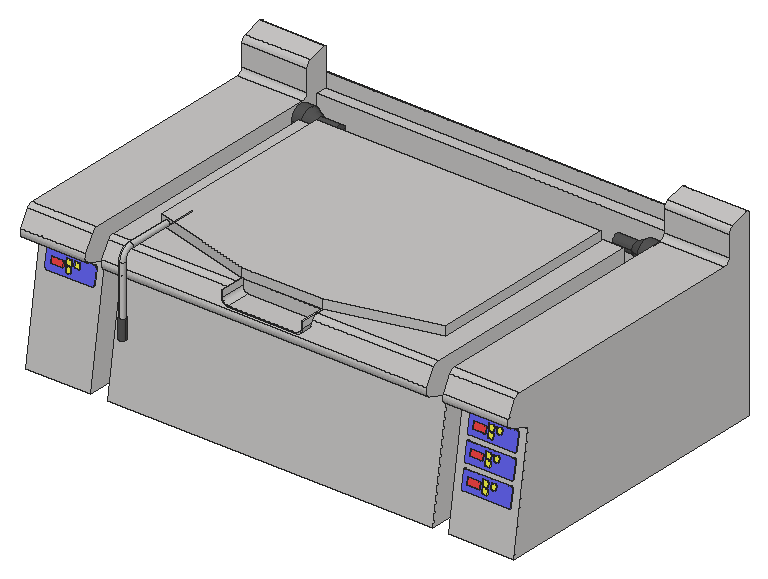
Revit family "QF_CAPIC_PILOTE_W296611", category Equipement spécialisé, Revit 2018
Family settings
  Cote de connecteur circulaire = Utiliser le diamètre
  Type d'élément = Normal
  Numéro OmniClass = 23.40.40.14
  Titre OmniClass = Food Service Equipment
  Basée sur le plan de construction = Non
  Toujours verticalement = Oui
  Couper avec des vides une fois chargée = Non
  Partagée = Non
  Point de calcul de pièce = Non
Parameters (values of type "1500 x 925 x 450 mm")
  URL catalogue = "http://www.capic-fr.com/fr/"
  Type de Raccord Plomberie [instance] = "Raccord 15/21"
  Type de Raccord Electrique [instance] = "Bornier interne"
  Type de Gaz = ""
  Type article [instance] = ""
  Tension = 230 V
  Spécification du Fabricant = ""
  Show Logo [instance] = yes
  Remarques evacuation [instance] = "Ecoulement dans caniveau"
  Remarques Plomberie [instance] = "Eau chaude + froide"
  Remarques Electricité [instance] = "230V x1 +T"
  Puissance électrique  = 500 W
  Puissance Gaz kW = 21
  Profondeur hors tout = 925 mm
  Pression Maximum Eau Adoucie = 0.0 Pa
  Pos Bec = Longueur hors tout / 2  # 750 mm
  Poids net à vide = 280.00 kg
  Pieds (Option X296001) [instance] = no
  Phase = 3
  Modèle = "W296611"
  Longueur hors tout = 1500 mm
  Intensité nominale = 0 A
  Hauteur hors tout = 570 mm
  Hauteur de Raccordement du Sol Finis = 550 mm
  Hauteur de Raccordement Gaz du Sol Finis = 400 mm
  Hauteur de Raccordement Evacuation Directe du Sol Finis = 0 mm
  Hauteur de Raccordement Eau Froide du Sol Finis = 600 mm
  Hauteur de Raccordement Eau Chaude du Sol Finis = 600 mm
  Hauteur de Raccordement Eau Adoucie du Sol Finis = 0 mm
  Fréquence = 50 Hz
  Fabricant = "CAPIC"
  Débit d'air d'extraction = 1100.0 m³/h
  Débit Gaz = 0.0 L/s
  Débit Eau Froide = 0.0 L/s
  Débit Eau Chaude = 0.0 L/s
  Débit Eau Adoucie = 0.0 L/s
  Diamètre de Raccordement Gaz = 20 mm
  Diamètre de Raccordement Evacuation = 0 mm
  Diamètre de Raccordement Eau Froide = 15 mm
  Diamètre de Raccordement Eau Chaude = 15 mm
  Diamètre de Raccordement Eau Adoucie = 0 mm
  Description = "Sauteuse multifonction 50dm2"
  Assembly Code = ""
  Classification  Omniclass nombre et titre = "23.40.40.14"
Reference planes
  plane 1 "Centre (avant/arrière)": y = 0
  plane 2: z = 0
  plane 3 "Centre (gauche/droite)": x = 1000
  plane 4: x = 1200
  plane 5: x = 2300
  plane 6: x = 2500
  plane 7: x = 1000
  plane 8: x = 1250
  plane 9: x = 2250
  plane 10: x = 2187
  plane 11: x = 1313
  plane 12: x = 1874
  plane 13: x = 1626
  plane 14: x = 2476
  plane 15: x = 1024
  plane 16: y = -690
  plane 17: x = 1333.6
  plane 18: x = 1750
  plane 19: y = -80
  plane 20: y = -757
  plane 21: x = 1100
  plane 22: x = 2400
Forms (mm)
  Extrusion 1, solid, material "QF_Stainless Steel-Brushed"
    sketch origin (2000, 0, 0) x (0, 1, 0) y (0, 0, 1)
      loop
        line (0, 450) -> (0, 1013.429)
        arc (0, 1013.429) -> (-0.782, 1015.016) -> (-2.518, 1015.361) r 2
        line (-2.518, 1015.361) -> (-57.918, 1000.516)
        arc (-57.918, 1000.516) -> (-68.074, 993.73) -> (-72, 982.164) r 19
        line (-72, 982.164) -> (-72, 917)
        arc (-72, 917) -> (-76.979, 904.979) -> (-89, 900) r 17
        line (-89, 900) -> (-879.289, 900)
        arc (-879.289, 900) -> (-889.289, 897.321) -> (-896.61, 890) r 20
        line (-896.61, 890) -> (-922.551, 845.067)
        arc (-922.551, 845.067) -> (-924.025, 828.227) -> (-912.071, 816.274) r 20
        line (-912.071, 816.274) -> (-852.584, 794.622)
        arc (-852.584, 794.622) -> (-849.467, 792.029) -> (-848.71, 788.045) r 6
        line (-848.71, 788.045) -> (-902.251, 450) -> (0, 450)
    from -1000 to -800
  Extrusion 2, solid, material "QF_Stainless Steel-Brushed"
    sketch origin (3640.271, 0, 0) x (0, 1, 0) y (0, 0, 1)
      loop
        line (0, 450) -> (0, 1013.429)
        arc (0, 1013.429) -> (-0.782, 1015.016) -> (-2.518, 1015.361) r 2
        line (-2.518, 1015.361) -> (-57.918, 1000.516)
        arc (-57.918, 1000.516) -> (-68.074, 993.73) -> (-72, 982.164) r 19
        line (-72, 982.164) -> (-72, 917)
        arc (-72, 917) -> (-76.979, 904.979) -> (-89, 900) r 17
        line (-89, 900) -> (-879.289, 900)
        arc (-879.289, 900) -> (-889.289, 897.321) -> (-896.61, 890) r 20
        line (-896.61, 890) -> (-922.551, 845.067)
        arc (-922.551, 845.067) -> (-924.025, 828.227) -> (-912.071, 816.274) r 20
        line (-912.071, 816.274) -> (-852.584, 794.622)
        arc (-852.584, 794.622) -> (-849.467, 792.029) -> (-848.71, 788.045) r 6
        line (-848.71, 788.045) -> (-902.251, 450) -> (0, 450)
    from -1340.271 to -1140.271
  Extrusion 3, solid, material "QF_Stainless Steel-Brushed"
    sketch origin (2330, 0, 0) x (0, 1, 0) y (0, 0, 1)
      loop
        line (-167.8, 450) -> (-167.8, 900) -> (-879.289, 900)
        arc (-879.289, 900) -> (-889.289, 897.321) -> (-896.61, 890) r 20
        line (-896.61, 890) -> (-922.551, 845.067)
        arc (-922.551, 845.067) -> (-924.025, 828.227) -> (-912.071, 816.274) r 20
        line (-912.071, 816.274) -> (-852.584, 794.622)
        arc (-852.584, 794.622) -> (-849.467, 792.029) -> (-848.71, 788.045) r 6
        line (-848.71, 788.045) -> (-902.251, 450) -> (-167.8, 450)
    from -1080 to -80
  Extrusion 4, solid, material "QF_Stainless Steel-Brushed"
    sketch origin (2000, -494.162, -132.867) x (0, 1, 0) y (0, 0, 1)
      loop
        line (494.162, 1076.367) -> (492.662, 1076.367) -> (492.662, 1032.867) -> (455.662, 1032.867) -> (455.662, 849.104) -> (389.555, 764.49) -> (389.555, 582.867) -> (391.055, 582.867) -> (391.055, 763.974) -> (457.162, 848.587) -> (457.162, 1029.867) -> (494.162, 1029.867) -> (494.162, 1076.367)
    from -800 to 300
  Revolve 5, solid, material "QF_Plastic-Black"
    sketch origin (855.885, -1524, 865) x (-1, 0, 0) y (0, -1, 0)
      loop
        line (-344.115, -1459) -> (-344.115, -1424) -> (-468.115, -1424) -> (-468.115, -1442) -> (-407.115, -1442) -> (-377.115, -1459) -> (-344.115, -1459)
      axis (-344.115, -1424) -> (-468.115, -1424)
    angle from 0 to 360
  Revolve 6, solid, material "QF_Plastic-Black"
    sketch origin (3144.115, -1524, 865) x (1, 0, 0) y (0, 1, 0)
      loop
        line (-844.115, 1459) -> (-877.115, 1459) -> (-907.115, 1442) -> (-968.115, 1442) -> (-968.115, 1424) -> (-844.115, 1424) -> (-844.115, 1459)
      axis (-844.115, 1424) -> (-968.115, 1424)
    angle from 0 to 360
  Extrusion 7, solid, material "QF_Stainless Steel-Brushed"
    sketch origin (363.202, -132.622, 0) x (1, 0, 0) y (0, 1, 0)
      loop
        line (949.798, -43.378) -> (949.798, -639.378) -> (1262.798, -723.378) -> (1510.798, -723.378) -> (1823.798, -639.378) -> (1823.798, -43.378) -> (949.798, -43.378)
    from 900 to 928
  Extrusion 8, solid, material "QF_Stainless Steel-Brushed"
    sketch origin (2000, 0, 0) x (0, 1, 0) y (0, 0, 1)
      loop
        circle (-690, 670) r 45
    from -800 to -750
  Extrusion 9, solid, material "QF_Stainless Steel-Brushed"
    sketch origin (2000, 0, 0) x (0, 1, 0) y (0, 0, -1)
      loop
        circle (-690, -670) r 45
    from -300 to -250
  Sweep 10, solid, material "QF_Stainless Steel-Brushed"
    path origin (1333.6, 444.623, 4000) x (0, 1, 0) y (0, 0, 1)
      loop
        line (-1134.623, -3085) -> (-1364.623, -3085)
        arc (-1364.623, -3085) -> (-1385.836, -3093.787) -> (-1394.623, -3115) r 30
        line (-1394.623, -3115) -> (-1394.623, -3271.5)
    profile origin (1333.6, -805, 915) x (0, 0, -1) y (1, 0, 0)
      loop
        circle (0, 0) r 8
  Extrusion 11, solid, material "QF_Stainless Steel-Brushed"
    sketch origin (1703.331, 0, -242.806) x (1, 0, 0) y (0, 0, 1)
      loop
        line (-78.331, 1142.806) -> (-78.331, 1122.806)
        arc (-78.331, 1122.806) -> (-72.473, 1108.664) -> (-58.331, 1102.806) r 20
        line (-58.331, 1102.806) -> (151.669, 1102.806)
        arc (151.669, 1102.806) -> (165.811, 1108.664) -> (171.669, 1122.806) r 20
        line (171.669, 1122.806) -> (171.669, 1142.806) -> (168.669, 1142.806) -> (168.669, 1122.806)
        arc (168.669, 1122.806) -> (163.69, 1110.786) -> (151.669, 1105.806) r 17
        line (151.669, 1105.806) -> (-58.331, 1105.806)
        arc (-58.331, 1105.806) -> (-70.352, 1110.786) -> (-75.331, 1122.806) r 17
        line (-75.331, 1122.806) -> (-75.331, 1142.806) -> (-78.331, 1142.806)
    from 856 to 932
  Extrusion 12, void
    sketch origin (2000, 0, 0) x (1, 0, 0) y (0, 0, 1)
      loop
        line (-375, 900) -> (-375, 880)
        arc (-375, 880) -> (-369.142, 865.858) -> (-355, 860) r 20
        line (-355, 860) -> (-145, 860)
        arc (-145, 860) -> (-130.858, 865.858) -> (-125, 880) r 20
        line (-125, 880) -> (-125, 900) -> (-375, 900)
    from 856 to 932
  Extrusion 13, solid, material "QF_Plastic-Black"
    sketch origin (2000, 0, 0) x (1, 0, 0) y (0, 1, 0)
      loop
        circle (-666.4, -949.574) r 10
    from 670 to 728.5
  Revolve 14, solid, material "QF_Stainless Steel-Brushed", visible <- "Pieds (Option X296001)"
    sketch origin (1100, -1524, 1213.106) x (0, 0, 1) y (0, -1, 0)
      loop
        line (-763.106, -1488) -> (-763.106, -1444) -> (-1213.106, -1444) -> (-1213.106, -1484) -> (-1205.106, -1484) -> (-1188.792, -1452) -> (-1143.106, -1452) -> (-1143.106, -1488) -> (-763.106, -1488)
      axis (-1213.106, -1444) -> (-763.106, -1444)
    angle from 0 to 360
  Revolve 15, solid, material "QF_Stainless Steel-Brushed", visible <- "Pieds (Option X296001)"
    sketch origin (2400, -1524, 1373.181) x (0, 0, 1) y (0, -1, 0)
      loop
        line (-923.181, -1488) -> (-923.181, -1444) -> (-1373.181, -1444) -> (-1373.181, -1484) -> (-1365.181, -1484) -> (-1348.866, -1452) -> (-1303.181, -1452) -> (-1303.181, -1488) -> (-923.181, -1488)
      axis (-1373.181, -1444) -> (-923.181, -1444)
    angle from 0 to 360
  Revolve 16, solid, material "QF_Stainless Steel-Brushed", visible <- "Pieds (Option X296001)"
    sketch origin (1100, -2201, 1213.106) x (0, 0, 1) y (0, -1, 0)
      loop
        line (-763.106, -1488) -> (-763.106, -1444) -> (-1213.106, -1444) -> (-1213.106, -1484) -> (-1205.106, -1484) -> (-1188.792, -1452) -> (-1143.106, -1452) -> (-1143.106, -1488) -> (-763.106, -1488)
      axis (-1213.106, -1444) -> (-763.106, -1444)
    angle from 0 to 360
  Revolve 17, solid, material "QF_Stainless Steel-Brushed", visible <- "Pieds (Option X296001)"
    sketch origin (2400, -2201, 1373.181) x (0, 0, 1) y (0, -1, 0)
      loop
        line (-923.181, -1488) -> (-923.181, -1444) -> (-1373.181, -1444) -> (-1373.181, -1484) -> (-1365.181, -1484) -> (-1348.866, -1452) -> (-1303.181, -1452) -> (-1303.181, -1488) -> (-923.181, -1488)
      axis (-1373.181, -1444) -> (-923.181, -1444)
    angle from 0 to 360
Cuts and joins
  Extrusion 12 cuts Extrusion 3
Lines and regions (mm)
  symbolic lines, style "SpecialityEquipment"
    curve 1: line (1000, -58.953, 1085.565) -> (1000, -118.218, 1762.978)
    curve 2: line (1000, -86.846, 1083.125) -> (1000, -58.953, 1085.565)
    curve 3: line (1000, -146.112, 1760.537) -> (1000, -86.846, 1083.125)
    curve 4: line (1000, -118.218, 1762.978) -> (1000, -146.112, 1760.537)
    curve 5: line (1000, -303.472, 1838.118) -> (1000, -168.986, 1849.884)
    curve 6: line (1000, -302.078, 1822.179) -> (1000, -167.591, 1833.945)
    curve 7: line (1000, -139.139, 1761.148) -> (1000, -143.758, 1813.946)
    curve 8: line (1000, -123.199, 1762.542) -> (1000, -127.819, 1815.34)
    curve 9: arc (1000, -167.591, 1833.945) -> (1000, -151.533, 1828.881) -> (1000, -143.758, 1813.946) r 22
    curve 10: arc (1000, -168.986, 1849.884) -> (1000, -141.248, 1841.138) -> (1000, -127.819, 1815.34) r 38
    curve 13: line (0, -370.766, 1804.123) -> (0, -301.686, 1817.696)
    curve 15: line (1000, -303.472, 1838.118) -> (1000, -303.864, 1842.601)
    curve 16: line (1000, -301.686, 1817.696) -> (1000, -302.078, 1822.179)
  symbolic lines, style "SpecialityEquipmentHiddenLines"
    curve 11: arc (1000, -179.175, 1755.536) -> (1000, -670.405, 1488.997) -> (1000, -885.671, 973.235) r 840
    curve 12: line (0, -303.864, 1842.601) -> (0, -374.252, 1843.971)
    curve 14: arc (0, -374.252, 1843.971) -> (0, -392.433, 1822.304) -> (0, -370.766, 1804.123) r 20
Dimensions and locks
  locked: plane 5 to plane 6 at 200
  locked: plane 7 to plane 4 at 200
  "Longueur hors tout": plane 7 to plane 6
  locked: plane 4 to plane 8 at 50
  locked: plane 9 to plane 5 at 50
  locked: plane 8 to plane 11 at 63
  locked: plane 10 to plane 9 at 63
  locked: plane 13 to plane 12 at 248
  locked: plane 6 to plane 14 at 24
  locked: plane 7 to plane 15 at 24
  locked: plane 8 to plane 17 at 83.6
  "Pos Bec": plane 7 to plane 18
  equal spacing: plane 13, plane 18, plane 12
  locked: plane 19 to plane 1 "Centre (avant/arrière)" at 80
  locked: plane 20 to plane 19 at 677
  locked: plane 21 to plane 7 at 100
  locked: plane 6 to plane 22 at 100
  aligned and locked: level to plane 2
  aligned and locked: plane 4 to Extrusion 1
  aligned and locked: plane 6 to Extrusion 2
  aligned and locked: Extrusion 1 to plane 7
  aligned and locked: Extrusion 2 to plane 5
  aligned and locked: Extrusion 3 to plane 8
  aligned and locked: plane 9 to Extrusion 3
  aligned and locked: plane 5 to Extrusion 4
  aligned and locked: Extrusion 4 to plane 4
  aligned and locked: Extrusion 4 to Extrusion 7
  aligned and locked: plane 11 to Extrusion 7
  aligned and locked: plane 10 to Extrusion 7
  aligned and locked: plane 13 to Extrusion 7 sketch curve
  aligned and locked: plane 12 to Extrusion 7 sketch curve
  aligned and locked: Extrusion 8 to plane 4
  aligned and locked: Extrusion 8 to Extrusion 3
  aligned and locked: plane 5 to Extrusion 9
  aligned and locked: Extrusion 9 to plane 9
  aligned and locked: plane 17 to Extrusion 13 sketch curve
  aligned and locked: Extrusion 13 to Sweep 10
  aligned and locked: nested 1 to plane 15
  aligned and locked: nested 2 to plane 14
  aligned and locked: plane 19 to Revolve 14 sketch curve  (x2)
  aligned and locked: nested 3 to plane 14
  aligned and locked: nested 4 to plane 14
Automatic sketch dimensions
  curve 9 to curve 10 = 0 mm  (x2)
  curve 15 to plane 19 = 223.472 mm
  curve 5 to curve 16 = 1.394 mm
  curve 5 to plane 19 = 88.986 mm
  curve 10 to curve 6 = 1.394 mm
  curve 9 to curve 9 = 1.917 mm
  curve 9 to curve 3 = 19.562 mm
  curve 9 to curve 7 = 21.916 mm
  curve 7 to curve 8 = 15.939 mm
  curve 3 to curve 4 = 27.893 mm
  curve 2 to plane 19 = 6.846 mm
  plane 19 to curve 11 = 33 mm
  level to curve 11 = 926 mm
  curve 11 to curve 2 = 157.125 mm
  curve 2 to curve 2 = 2.44 mm
  curve 3 to curve 10 = 51.491 mm
  curve 9 to curve 7 = 1.917 mm
  curve 7 to curve 8 = 1.394 mm
  curve 6 to curve 9 = 11.766 mm
  curve 6 to curve 15 = 15.939 mm
  curve 15 to curve 5 = 0.392 mm
  curve 11 to plane 20 = 128.671 mm
  curve 6 to curve 16 = 0.392 mm
  curve 11 to curve 3 = 33.063 mm
  curve 11 to curve 2 = 109.89 mm
  curve 12 to plane 19 = 294.252 mm
  curve 12 to curve 14 = 1.743 mm
  curve 14 to curve 13 = 1.743 mm
  level to curve 13 = 1804.123 mm
  curve 13 to curve 14 = 19.924 mm
  curve 12 to curve 12 = 70.387 mm
  curve 12 to curve 13 = 2.179 mm
  curve 13 to curve 13 = 13.572 mm
  curve 13 to curve 12 = 24.905 mm
  Extrusion 1 sketch curve to Extrusion 1 sketch curve = 2 mm
  Extrusion 1 sketch curve to Extrusion 1 sketch curve = 0.518 mm
  plane 19 to Extrusion 1 sketch curve = 27 mm
  Extrusion 1 sketch curve to Extrusion 1 sketch curve = 4.918 mm
  plane 19 to Extrusion 1 sketch curve = 8 mm
  Extrusion 1 sketch curve to plane 19 = 9 mm
  Extrusion 1 sketch curve to plane 20 = 91.71 mm
  Extrusion 1 sketch curve to Extrusion 1 sketch curve = 3.874 mm
  Extrusion 1 sketch curve to Extrusion 1 sketch curve = 2.052 mm
  Extrusion 1 sketch curve to Extrusion 1 sketch curve = 26.705 mm
  Extrusion 1 sketch curve to Extrusion 1 sketch curve = 17.321 mm  (x2)
  Extrusion 1 sketch curve to plane 20 = 145.251 mm
  Extrusion 1 sketch curve to Extrusion 1 sketch curve = 25.942 mm
  Extrusion 1 sketch curve to Extrusion 1 sketch curve = 6.84 mm
  Extrusion 1 sketch curve to Extrusion 1 sketch curve = 338.045 mm
  Extrusion 1 sketch curve to Extrusion 1 sketch curve = 0.939 mm
  Extrusion 1 sketch curve to Extrusion 1 sketch curve = 21.652 mm
  Extrusion 1 sketch curve to Extrusion 1 sketch curve = 18.794 mm
  Extrusion 1 sketch curve to Extrusion 1 sketch curve = 44.933 mm
  Extrusion 1 sketch curve to Extrusion 1 sketch curve = 10 mm
  Extrusion 1 sketch curve to Extrusion 1 sketch curve = 65.164 mm
  Extrusion 1 sketch curve to Extrusion 1 sketch curve = 12.913 mm
  Extrusion 2 sketch curve to Extrusion 2 sketch curve = 2 mm
  Extrusion 2 sketch curve to Extrusion 2 sketch curve = 0.518 mm
  plane 19 to Extrusion 2 sketch curve = 27 mm
  Extrusion 2 sketch curve to Extrusion 2 sketch curve = 4.918 mm
  plane 19 to Extrusion 2 sketch curve = 8 mm
  Extrusion 2 sketch curve to plane 19 = 9 mm
  Extrusion 2 sketch curve to plane 20 = 91.71 mm
  Extrusion 2 sketch curve to Extrusion 2 sketch curve = 3.874 mm
  Extrusion 2 sketch curve to Extrusion 2 sketch curve = 2.052 mm
  Extrusion 2 sketch curve to Extrusion 2 sketch curve = 26.705 mm
  Extrusion 2 sketch curve to Extrusion 2 sketch curve = 17.321 mm  (x2)
  Extrusion 2 sketch curve to plane 20 = 145.251 mm
  Extrusion 2 sketch curve to Extrusion 2 sketch curve = 25.942 mm
  Extrusion 2 sketch curve to Extrusion 2 sketch curve = 6.84 mm
  Extrusion 2 sketch curve to Extrusion 2 sketch curve = 338.045 mm
  Extrusion 2 sketch curve to Extrusion 2 sketch curve = 0.939 mm
  Extrusion 2 sketch curve to Extrusion 2 sketch curve = 21.652 mm
  Extrusion 2 sketch curve to Extrusion 2 sketch curve = 18.794 mm
  Extrusion 2 sketch curve to Extrusion 2 sketch curve = 44.933 mm
  Extrusion 2 sketch curve to Extrusion 2 sketch curve = 10 mm
  Extrusion 2 sketch curve to Extrusion 2 sketch curve = 65.164 mm
  Extrusion 2 sketch curve to Extrusion 2 sketch curve = 12.913 mm
  Extrusion 3 sketch curve to plane 20 = 165.551 mm
  Extrusion 3 sketch curve to Extrusion 3 sketch curve = 10.48 mm
  Extrusion 3 sketch curve to Extrusion 3 sketch curve = 17.321 mm  (x2)
  Extrusion 3 sketch curve to plane 20 = 145.251 mm
  Extrusion 3 sketch curve to Extrusion 3 sketch curve = 25.942 mm
  Extrusion 3 sketch curve to Extrusion 3 sketch curve = 57.435 mm
  Extrusion 3 sketch curve to Extrusion 3 sketch curve = 2.052 mm
  Extrusion 3 sketch curve to Extrusion 3 sketch curve = 5.926 mm
  Extrusion 3 sketch curve to plane 19 = 87.8 mm
  level to Extrusion 3 sketch curve = 450 mm
  Extrusion 3 sketch curve to Extrusion 3 sketch curve = 338.045 mm
  Extrusion 3 sketch curve to Extrusion 3 sketch curve = 0.939 mm
  Extrusion 3 sketch curve to Extrusion 3 sketch curve = 21.652 mm
  Extrusion 3 sketch curve to Extrusion 3 sketch curve = 18.794 mm
  Extrusion 3 sketch curve to Extrusion 3 sketch curve = 44.933 mm
  Extrusion 3 sketch curve to Extrusion 3 sketch curve = 10 mm
  Extrusion 4 sketch curve to plane 1 "Centre (avant/arrière)" = 0 mm
  Extrusion 4 sketch curve to Extrusion 4 sketch curve = 1.5 mm  (x3)
  Extrusion 4 sketch curve to Extrusion 4 sketch curve = 35.5 mm
  Extrusion 4 sketch curve to plane 19 = 23.107 mm
  level to Extrusion 4 sketch curve = 450 mm
  Extrusion 4 sketch curve to Extrusion 4 sketch curve = 181.107 mm
  Extrusion 4 sketch curve to Extrusion 4 sketch curve = 0.516 mm  (x2)
  Extrusion 4 sketch curve to Extrusion 4 sketch curve = 84.613 mm
  Extrusion 4 sketch curve to Extrusion 4 sketch curve = 180.763 mm
  Extrusion 4 sketch curve to Extrusion 4 sketch curve = 3 mm
  Extrusion 4 sketch curve to Extrusion 4 sketch curve = 43.5 mm
  Revolve 5 sketch curve to plane 4 = 0 mm  (x2)
  Revolve 5 sketch curve to plane 8 = 17 mm
  Revolve 5 sketch curve to plane 19 = 2 mm
  plane 8 to Revolve 5 sketch curve = 13 mm
  Revolve 5 sketch curve to plane 17 = 9.6 mm
  plane 19 to Revolve 5 sketch curve = 15 mm
  Revolve 5 sketch curve to Revolve 5 sketch curve = 18 mm
  Revolve 5 sketch curve to Revolve 5 sketch curve = 0 mm  (x2)
  Revolve 6 sketch curve to plane 5 = 0 mm  (x2)
  plane 9 to Revolve 6 sketch curve = 17 mm
  Revolve 6 sketch curve to plane 19 = 2 mm
  Revolve 6 sketch curve to plane 9 = 13 mm
  plane 10 to Revolve 6 sketch curve = 11 mm
  Revolve 6 sketch curve to Revolve 6 sketch curve = 18 mm
  plane 19 to Revolve 6 sketch curve = 15 mm
  Revolve 6 sketch curve to Revolve 6 sketch curve = 0 mm  (x2)
  Extrusion 7 sketch curve to plane 11 = 0 mm
  Extrusion 7 sketch curve to plane 10 = 0 mm
  Extrusion 7 sketch curve to plane 20 = 99 mm
  Extrusion 7 sketch curve to plane 20 = 15 mm  (x2)
  Extrusion 7 sketch curve to plane 19 = 96 mm
  Extrusion 8 sketch curve to plane 16 = 0 mm
  level to Extrusion 8 sketch curve = 670 mm
  Extrusion 9 sketch curve to plane 16 = 0 mm
  level to Extrusion 9 sketch curve = 670 mm
  Sweep 10 sketch curve to plane 16 = 0 mm
  Sweep 10 sketch curve to plane 20 = 163 mm
  Sweep 10 sketch curve to Sweep 10 sketch curve = 30 mm
  level to Sweep 10 sketch curve = 885 mm
  Sweep 10 sketch curve to Sweep 10 sketch curve = 156.5 mm
  Sweep 10 sketch curve to plane 17 = 0 mm
  Sweep 10 sketch curve to profile plane = 0 mm
  Extrusion 11 sketch curve to Extrusion 11 sketch curve = 0 mm  (x4)
  plane 13 to Extrusion 11 sketch curve = 1 mm
  Extrusion 11 sketch curve to plane 13 = 2 mm
  Extrusion 11 sketch curve to Extrusion 11 sketch curve = 17 mm
  plane 12 to Extrusion 11 sketch curve = 19 mm
  plane 12 to Extrusion 11 sketch curve = 2 mm
  level to Extrusion 11 sketch curve = 860 mm
  Extrusion 11 sketch curve to Extrusion 11 sketch curve = 20 mm  (x2)
  plane 13 to Extrusion 12 sketch curve = 1 mm
  Extrusion 12 sketch curve to plane 13 = 19 mm
  plane 12 to Extrusion 12 sketch curve = 19 mm
  Extrusion 12 sketch curve to plane 12 = 1 mm
  level to Extrusion 12 sketch curve = 860 mm
  Extrusion 12 sketch curve to Extrusion 12 sketch curve = 20 mm
  Extrusion 13 sketch curve to plane 20 = 192.574 mm
  Revolve 14 sketch curve to level = 0 mm
  level to Revolve 14 sketch curve = 8 mm
  plane 19 to Revolve 14 sketch curve = 8 mm
  level to Revolve 14 sketch curve = 24.315 mm
  Revolve 14 sketch curve to Revolve 14 sketch curve = 45.685 mm
  plane 1 "Centre (avant/arrière)" to Revolve 14 sketch curve = 36 mm
  Revolve 14 sketch curve to Revolve 14 sketch curve = 380 mm
  Revolve 14 sketch curve to Revolve 14 sketch curve = 40 mm
  Revolve 14 sketch curve to Revolve 14 sketch curve = 20 mm
  Revolve 14 sketch curve to Revolve 14 sketch curve = 120 mm
  Revolve 15 sketch curve to level = 0 mm
  Revolve 15 sketch curve to plane 19 = 0 mm  (x2)
  level to Revolve 15 sketch curve = 8 mm
  plane 19 to Revolve 15 sketch curve = 8 mm
  level to Revolve 15 sketch curve = 24.315 mm
  Revolve 15 sketch curve to Revolve 15 sketch curve = 45.685 mm
  plane 1 "Centre (avant/arrière)" to Revolve 15 sketch curve = 36 mm
  Revolve 15 sketch curve to Revolve 15 sketch curve = 380 mm
  Revolve 15 sketch curve to Revolve 15 sketch curve = 40 mm
  Revolve 15 sketch curve to Revolve 15 sketch curve = 20 mm
  Revolve 15 sketch curve to Revolve 15 sketch curve = 120 mm
  Revolve 16 sketch curve to level = 0 mm
  Revolve 16 sketch curve to plane 20 = 0 mm  (x2)
  Revolve 16 sketch curve to Revolve 16 sketch curve = 8 mm
  plane 20 to Revolve 16 sketch curve = 8 mm
  level to Revolve 16 sketch curve = 24.315 mm
  Revolve 16 sketch curve to Revolve 16 sketch curve = 45.685 mm
  Revolve 16 sketch curve to plane 16 = 23 mm
  Revolve 16 sketch curve to Revolve 16 sketch curve = 380 mm
  Revolve 16 sketch curve to plane 16 = 27 mm
  Revolve 16 sketch curve to Revolve 16 sketch curve = 20 mm
  Revolve 16 sketch curve to Revolve 16 sketch curve = 120 mm
  Revolve 17 sketch curve to level = 0 mm
  Revolve 17 sketch curve to plane 20 = 0 mm  (x2)
  level to Revolve 17 sketch curve = 8 mm
  plane 20 to Revolve 17 sketch curve = 8 mm
  level to Revolve 17 sketch curve = 24.315 mm
  Revolve 17 sketch curve to Revolve 17 sketch curve = 45.685 mm
  Revolve 17 sketch curve to plane 16 = 23 mm
  Revolve 17 sketch curve to Revolve 17 sketch curve = 380 mm
  Revolve 17 sketch curve to plane 16 = 27 mm
  Revolve 17 sketch curve to Revolve 17 sketch curve = 20 mm
  Revolve 17 sketch curve to Revolve 17 sketch curve = 120 mm
  plane 1 "Centre (avant/arrière)" to Extrusion 1 sketch curve = 0 mm
  level to Extrusion 1 sketch curve = 450 mm
  plane 1 "Centre (avant/arrière)" to Extrusion 2 sketch curve = 0 mm
  level to Extrusion 2 sketch curve = 450 mm
  radius of Extrusion 8 sketch curve = 45 mm
  radius of Extrusion 9 sketch curve = 45 mm
  radius of Sweep 10 sketch curve = 8 mm
  radius of Extrusion 13 sketch curve = 10 mm
Nested families
  nested 1: "QF_Details_CarteCde" at (1024, 1.452, 0), type "QF_Details_CarteCde"
  nested 2: "QF_Details_CarteCde" at (2324, 1.452, 0), type "QF_Details_CarteCde"
  nested 3: "QF_Details_CarteCde" at (2324, -10, -71.736), type "QF_Details_CarteCde"
  nested 4: "QF_Details_CarteCde" at (2324, -21.381, -144.163), type "QF_Details_CarteCde"
Definition of nested family "QF_Details_CarteCde"
  Reference planes
    plane 1 "Centre (avant/arrière)": y = 0
    plane 2: z = 0
    plane 3 "Centre (gauche/droite)": x = 0
  Forms (mm)
    Extrusion 1, solid
      sketch origin (0, -975.563, -3.706) x (1, 0, 0) y (0, 0.156434, 0.987688)
        loop
          arc (7, 787.388) -> (2.05, 785.338) -> (0, 780.388) r 7
          line (0, 780.388) -> (0, 735.388)
          arc (0, 735.388) -> (2.05, 730.439) -> (7, 728.388) r 7
          line (7, 728.388) -> (145, 728.388)
          arc (145, 728.388) -> (149.95, 730.439) -> (152, 735.388) r 7
          line (152, 735.388) -> (152, 780.388)
          arc (152, 780.388) -> (149.95, 785.338) -> (145, 787.388) r 7
          line (145, 787.388) -> (7, 787.388)
        loop
          line (15, 767.388) -> (15, 748.388) -> (54, 748.388) -> (54, 767.388) -> (15, 767.388)
        loop
          line (74, 776.917) -> (61, 776.917) -> (61, 763.917)
          arc (61, 763.917) -> (62.172, 761.089) -> (65, 759.917) r 4
          line (65, 759.917) -> (78, 759.917) -> (78, 772.917)
          arc (78, 772.917) -> (76.828, 775.745) -> (74, 776.917) r 4
        loop
          line (99, 776.917) -> (86, 776.917) -> (86, 763.917)
          arc (86, 763.917) -> (87.172, 761.089) -> (90, 759.917) r 4
          line (90, 759.917) -> (103, 759.917) -> (103, 772.917)
          arc (103, 772.917) -> (101.828, 775.745) -> (99, 776.917) r 4
        loop
          line (74, 756.917) -> (61, 756.917) -> (61, 743.917)
          arc (61, 743.917) -> (62.172, 741.089) -> (65, 739.917) r 4
          line (65, 739.917) -> (78, 739.917) -> (78, 752.917)
          arc (78, 752.917) -> (76.828, 755.745) -> (74, 756.917) r 4
      from 0 to 0.5
    Extrusion 2, solid
      sketch origin (0, -973.53, 9.132) x (1, 0, 0) y (0, 0.156434, 0.987688)
        loop
          line (15, 754.391) -> (15, 735.391) -> (54, 735.391) -> (54, 754.391) -> (15, 754.391)
      from 0 to 0.5
    Extrusion 3, solid
      sketch origin (0, -973.53, 9.132) x (1, 0, 0) y (0, 0.156434, 0.987688)
        loop
          line (61, 763.919) -> (61, 750.919)
          arc (61, 750.919) -> (62.172, 748.091) -> (65, 746.919) r 4
          line (65, 746.919) -> (78, 746.919) -> (78, 759.919)
          arc (78, 759.919) -> (76.828, 762.748) -> (74, 763.919) r 4
          line (74, 763.919) -> (61, 763.919)
      from 0 to 0.5
    Extrusion 4, solid
      sketch origin (0, -976.658, -10.622) x (1, 0, 0) y (0, 0.156434, 0.987688)
        loop
          line (61, 763.919) -> (61, 750.919)
          arc (61, 750.919) -> (62.172, 748.091) -> (65, 746.919) r 4
          line (65, 746.919) -> (78, 746.919) -> (78, 759.919)
          arc (78, 759.919) -> (76.828, 762.748) -> (74, 763.919) r 4
          line (74, 763.919) -> (61, 763.919)
      from 0 to 0.5
    Extrusion 5, solid
      sketch origin (25, -973.53, 9.132) x (1, 0, 0) y (0, 0.156434, 0.987688)
        loop
          line (61, 763.919) -> (61, 750.919)
          arc (61, 750.919) -> (62.172, 748.091) -> (65, 746.919) r 4
          line (65, 746.919) -> (78, 746.919) -> (78, 759.919)
          arc (78, 759.919) -> (76.828, 762.748) -> (74, 763.919) r 4
          line (74, 763.919) -> (61, 763.919)
      from 0 to 0.5
  Dimensions and locks
    aligned and locked: level to plane 2
